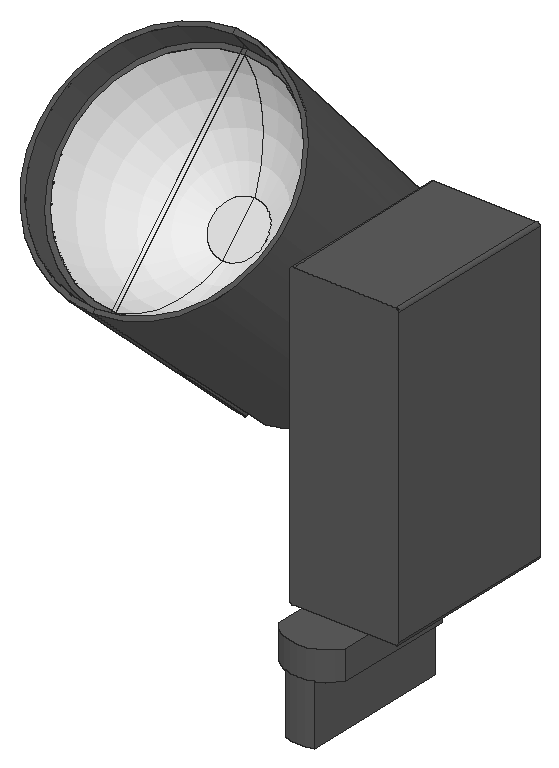
Revit family "0004951 Feilo Sylvania Lighting Fixture START TRACK SPOT L DALI 3616LM 940 MB BLK", category Lighting Fixtures, host Face, Revit 2017
Family settings
  Host = Face
  Round Connector Dimension = Use Diameter
  Part Type = Normal
  OmniClass Number = 23.80.70.00
  OmniClass Title = Lighting
  Cut with Voids When Loaded = No
  Light Source = No
  Shared = No
  Room Calculation Point = No
Parameters (values of type "0004951 START TRACK SPOT L DALI 3616LM 940 MB BLK")
  Weight = "1.368 kg"
  Wattage Comments = ""
  WarrantyStartDate [instance] = "n/a"
  WarrantyGuarantorParts = "n/a"
  WarrantyDurationUnit = "n/a"
  WarrantyDurationParts = "n/a"
  WarrantyDescription = "n/a"
  Voltage = 230 V
  URL = "http://www.sylvania-lighting.com/"
  TypeName = "START TRACK SPOT L DALI 3616LM 940 MB BLK"
  TypeHead_FEILO = Start Track Spot Head : 0004902 START TRACK SPOT L 35W 4K RA90 MB BLACK
  TypeBox_FEILO = Start Track Spot Box : Type Large Black
  Type Image = <None>
  Type Comments = "n/a"
  VerticalRotation_FEILO [instance] = 0.00°
  SlideEndAngle_FEILO [instance] = VerticalRotation_FEILO + 180.00°  # 180.00°
  SerialNumber [instance] = "n/a"
  Material_3_FEILO = none
  PowerFactor = 0.93
  PowerConsumption = "35 W"
  NominalLength = 0 mm
  NominalHeight = 240 mm
  NominalDepth = 164 mm
  Name = "START TRACK SPOT L DALI 3616LM 940 MB BLK"
  ModelReference = Name  # "START TRACK SPOT L DALI 3616LM 940 MB BLK"
  ModelNumber = "0004951"
  Model = Name  # "START TRACK SPOT L DALI 3616LM 940 MB BLK"
  Material = "adc12 aluminium housing, polycarbonate diffuser"
  ManufacturerName = "Feilo Sylvania"
  Manufacturer = "Feilo Sylvania"
  LuminousEfficacy = "103 lm/W"
  LuminaireType = ""
  LightOutputRatio = "100"
  LampsType = Lamp  # "LED"
  LampNominalLuminous = "3616 lm"
  LampMacAdamStep = "3"
  LampColourTemperature = "4000 K"
  LampColourRenderingIndex = "90"
  Lamp = "LED"
  Keynote = "16500"
  InstallationDate [instance] = "n/a"
  InputVoltage = "230-240V~"
  InputNominalFrequency = "50/60 Hz"
  IngressProtection = "IP20"
  ImpactProtectionIndex = "IK02"
  IfcExportType = "IfcLightFixtureType"
  IfcExportAs = "IfcLightFixtureType"
  HorizontalRotation_FEILO [instance] = 45.00°
  ExpectedLife = 50000
  ElectricShockClassification = "Class II"
  DurationUnit = "hours"
  DocumentationLiterature = "http://www.sylvania-lighting.com/product/en-int/products/0004902"
  DimmingControlOptions = "Dimmable"
  Material_2_FEILO = none
  Description = "Integrated LED spotlight, Textured Black - RAL9005, compact and minimalist design, ideal for retail applications, die-cast aluminium body, passive cooling heatsink. Beam angle: 38°, color temperature: 4000K , total system power: 35W, total fixture output: 3616 lm, LOR: 100%, colour rendering: Ra: 90 typical, LED Chromaticity: 3 step MacAdam ellipse, lifetime: >50000 hours at L70B50, energy class: A++, A+, A, IR/UV free light source without heat radiation, operating voltage: 220-240V / 50-60Hz, drive current: 900mA, electronic driver, non-dimmable, power factor: 0.93, electrical protection: Class II, Global Track 3 Phase adapter suitable for Global trac 3-circuit tracks, ingress protection rating: IP20, suitable for internal environment only, horizontal rotation: 355°, vertical tilt: 90°, dimensions: Ø113x164x240, weight: 1.368kg."
  Default Elevation = 1219.2 mm
  CreatedOn = "04/26/2018"
  CreatedBy = ""
  Cost = 0
  built-in parameter 1114216 [instance] = (empty or 0)
  ClassificationValue = "EF_70_80"
  ClassificationName = "Uniclass2015"
  Material_1_FEILO = Body-Sylvania-StartTrackSpot-Black
  BarCode [instance] = "n/a"
  AssetType = "Fixed"
  AssetIdentifier [instance] = "n/a"
  Assembly Code = "D5020200"
  Apparent Load = 35 VA
  Material_4_FEILO = none
Reference planes
  plane 1 "Center (Front/Back)": y = 0
  plane 2: z = 0
  plane 3 "Center (Left/Right)": x = 0
  plane 4: x = 15
  plane 5: x = -15
  plane 6: y = 35
  plane 7: y = -35
  plane 8: z = 13
  plane 9: z = -27
  plane 10: x = 6.5
  plane 11: x = -6.5
  plane 12: y = 27
  plane 13: y = -27
  plane 14: y = 20
Forms (mm)
  Extrusion 1, solid, material "Body-Sylvania-StartTrackSpot-Black" <- "Material_1_FEILO"
    sketch origin (0, 0, 0) x (1, 0, 0) y (0, 1, 0)
      loop
        line (-15, 27) -> (-15, -27)
        arc (-15, -27) -> (0, -35) -> (15, -27) r 18.062
        line (15, -27) -> (15, 27)
        arc (15, 27) -> (0, 35) -> (-15, 27) r 18.062
    from 0 to 13
  Extrusion 2, solid, material "Body-Sylvania-StartTrackSpot-Black" <- "Material_1_FEILO"
    sketch origin (0, 0, 0) x (1, 0, 0) y (0, 1, 0)
      loop
        arc (6.5, 33.79) -> (0, 35) -> (-6.5, 33.79) r 18.062
        line (-6.5, 33.79) -> (-6.5, -33.79)
        arc (-6.5, -33.79) -> (0, -35) -> (6.5, -33.79) r 18.062
        line (6.5, -33.79) -> (6.5, 33.79)
    from 0 to -27
  Revolve 3, solid, not visible
    sketch origin (1524, 20, 1219.2) x (1, 0, 0) y (0, 0, 1)
      loop
        line (-1524, -1206.2) -> (-1524, -1191.285) -> (-1530.5, -1191.285) -> (-1530.5, -1206.2) -> (-1524, -1206.2)
      axis (-1524, -1191.285) -> (-1524, -1206.2)
    angle from 0 <- "VerticalRotation_FEILO" to 180 <- "SlideEndAngle_FEILO"
Cuts and joins
  joined: Extrusion 1, Extrusion 2
Dimensions and locks
  equal spacing: plane 10, plane 3 "Center (Left/Right)", plane 11
  equal spacing: plane 4, plane 3 "Center (Left/Right)", plane 5
  locked: plane 8 to plane 2 at 13
  locked: plane 8 to plane 9 at 40
  equal spacing: plane 13, plane 1 "Center (Front/Back)", plane 12
  locked: plane 12 to plane 6 at 8
  locked: plane 14 to plane 6 at 15
  locked: Revolve 3 sketch curve to plane 8 at 14.915
  aligned and locked: plane 2 to host face
  aligned and locked: level to host face
  aligned and locked: plane 5 to Extrusion 1 sketch curve  (x2)
  aligned and locked: plane 12 to Extrusion 1 sketch curve
  aligned and locked: plane 13 to Extrusion 1 sketch curve
  aligned and locked: plane 4 to Extrusion 1 sketch curve
  aligned and locked: Extrusion 1 to plane 8
  aligned and locked: Extrusion 1 to level
  aligned and locked: Extrusion 2 sketch curve to Extrusion 1  (x2)
  aligned and locked: Extrusion 2 sketch curve to plane 11
  aligned and locked: plane 10 to Extrusion 2 sketch curve
  aligned and locked: plane 9 to Extrusion 2
  aligned and locked: level to Extrusion 2
  aligned and locked: Revolve 3 sketch curve to plane 3 "Center (Left/Right)"  (x2)
  aligned and locked: plane 11 to Revolve 3 sketch curve
  aligned and locked: Revolve 3 sketch curve to plane 8
Automatic sketch dimensions
  host sketch curve to host sketch curve = 2438.4 mm  (x2)
  Extrusion 1 sketch curve to plane 3 "Center (Left/Right)" = 0 mm  (x2)
  Extrusion 1 sketch curve to plane 13 = 10.062 mm
  plane 12 to Extrusion 1 sketch curve = 10.062 mm
  Revolve 3 sketch curve to plane 3 "Center (Left/Right)" = 0 mm
  plane 9 to Revolve 3 sketch curve = 582.6 mm
  Revolve 3 sketch curve to Revolve 3 sketch curve = 2581.144 mm
Nested families
  nested 1: "Start Track Spot Head" at (-75.5, 20, 133) x (0, 0.7071, 0.7071) z (0, 0.7071, -0.7071), type <- "TypeHead_FEILO", type "0004902 START TRACK SPOT L 35W 4K RA90 MB BLACK"
    with built-in parameter 1114216 (empty or 0)
  nested 2: "Start Track Spot Box" at (8.5, 20, 85) x (-1, 0, 0) z (0, -1, 0), BoxStartAngle_FEILO <- "HorizontalRotation_FEILO", type <- "TypeBox_FEILO", type "Type Large Black"
    with BoxStartAngle_FEILO 45.00°, BoxEndAngle_FEILO -135.00°
Connectors
  electrical at (0, 0, 0), driven by "Apparent Load", driven by "PowerFactor", driven by "Voltage"
    settings: index 1, voltage 230 V, apparent load 35 VA, apparent load phase1 0 VA, apparent load phase2 0 VA, apparent load phase3 0 VA, power factor 0.93, load classification "Lighting", number of poles 1, system type 30, power factor state 1, is connector primary yes, connector utility no, sub classification motor no, connector description ""
Definition of nested family "Start Track Spot Head"
  Parameters (values of type "0004811 START TRACK SPOT S 14W 3K RA80 NB WHITE")
    Wattage Comments = "n/a"
    Wattage = 14 W
    built-in parameter 1150110 = 1 (stored number, unit not read)
    URL = "http://www.feilosylvania.com"
    Type Image = (empty or 0)
    Type Comments = "n/a"
    built-in parameter 1114217 = 1 (stored number, unit not read)
    Tilt Angle = -90.00°
    built-in parameter 1150109 = 1 (stored number, unit not read)
    built-in parameter 1150134 = (empty or 0)
    built-in parameter 1150113 = 1 (stored number, unit not read)
    Photometric Web File = "0004811.ies"
    Material_3_FEILO = none
    Model = "START TRACK SPOT S 14W 3K RA80 NB WHITE"
    Manufacturer = "Feilo Sylvania"
    built-in parameter 1150105 = 123.66 (stored number, unit not read)
    Lumens = 1554 lm
    built-in parameter 1150115 = 1 (stored number, unit not read)
    built-in parameter 1150137 = (empty or 0)
    built-in parameter 1150139 = (empty or 0)
    built-in parameter 1150112 = 1 (stored number, unit not read)
    built-in parameter 1150114 = 1 (stored number, unit not read)
    Lamp = "LED"
    Keynote = "16500"
    Material_2_FEILO = none
    built-in parameter 1150132 = (empty or 0)
    built-in parameter 1150102 = (empty or 0)
    built-in parameter 1150107 = 3000 (stored number, unit not read)
    built-in parameter 1150138 = (empty or 0)
    built-in parameter 1150106 = 1.2366 (stored number, unit not read)
    HeadThickness_FEILO = if(HeadDiaOut_FEILO > 112 mm, 2 mm, 1.5 mm)  # 1.5 mm
    HeadRibOffset_FEILO = HeadHeight_FEILO / 28  # 4.179 mm
    HeadRibDepth_FEILO = HeadHeight_FEILO / 2.1  # 55.714 mm
    HeadRibCutWidth_FEILO = HeadDiaOut_FEILO / 12  # 7.167 mm
    HeadRibCutOffset_FEILO = HeadHeight_FEILO / 2.3  # 50.87 mm
    HeadReflectorRadius_FEILO = HeadDiaOut_FEILO / 1.7  # 50.588 mm
    HeadReflectorOffset_FEILO = HeadHeight_FEILO / 2.1  # 55.714 mm
    HeadLEDRadius_FEILO = HeadDiaOut_FEILO / 9  # 9.556 mm
    HeadHeight_FEILO = 117 mm
    HeadDraft_FEILO = 1 mm
    HeadDiffusorThickness_FEILO = 3 mm
    HeadDiffusorOffset_FEILO = HeadHeight_FEILO / 12.4  # 9.435 mm
    HeadDiaOut_FEILO = 86 mm
    HeadDiaIn_FEILO = HeadDiaOut_FEILO / 1.11  # 77.477 mm
    HeadAxisFromTop_FEILO = HeadHeight_FEILO / 1.687  # 69.354 mm
    Emit from Circle Diameter = HeadDiaIn_FEILO  # 77.477 mm
    Emit Shape Visible in Rendering = no
    built-in parameter 1150104 = 10.312 (stored number, unit not read)
    Dimming Lamp Color Temperature Shift = (empty or 0)
    Description = "Integrated LED spotlight, Textured White - RAL9016, compact and minimalist design, ideal for retail applications, die-cast aluminium body, passive cooling heatsink. Beam angle: 12°, color temperature: 3000K , total system power: 14W, total fixture output: 1551 lm, LOR: 100%, colour rendering: Ra: 80 typical, LED Chromaticity: 3 step MacAdam ellipse, lifetime: >50000 hours at L70B50, energy class: A++, A+, A, IR/UV free light source without heat radiation, operating voltage: 220-240V / 50-60Hz, drive current: 350mA, electronic driver, non-dimmable, power factor: 0.92, electrical protection: Class II, Global Track 3 Phase adapter suitable for Global trac 3-circuit tracks, ingress protection rating: IP20, suitable for internal environment only, horizontal rotation: 355°, vertical tilt: 90°, dimensions: Ø86x140x200, weight: 0.940kg."
    Default Elevation = 1219.2 mm
    Cost = 0
    Color Filter = 16777215
    built-in parameter 1114216 [instance] = (empty or 0)
    Material_1_FEILO = none
    built-in parameter 1114218 = 1 (stored number, unit not read)
    built-in parameter 1150133 = 10 (stored number, unit not read)
    Assembly Code = "D5020200"
    Apparent Load = 14 VA
    Material_4_FEILO = none
  Types (96, lengths in mm): name | Wattage | built-in parameter 1150134 | Photometric Web File | Model | built-in parameter 1150105 | Lumens | built-in parameter 1150107 | built-in parameter 1150106 | HeadThickness_FEILO | HeadRibOffset_FEILO | HeadRibDepth_FEILO | HeadRibCutWidth_FEILO | HeadRibCutOffset_FEILO | HeadReflectorRadius_FEILO | HeadReflectorOffset_FEILO | HeadLEDRadius_FEILO | HeadHeight_FEILO | HeadDiffusorOffset_FEILO | HeadDiaOut_FEILO | HeadDiaIn_FEILO | HeadAxisFromTop_FEILO | Emit from Circle Diameter | built-in parameter 1150104 | Description | Apparent Load
    0004906 START TRACK SPOT L 55W 4K RA90 WB BLACK | 55 W | 12 | "0004906.ies" | "START TRACK SPOT L 55W 4K RA90 WB BLACK" | 385.15 (stored number, unit not read) | 4840 lm | 4000 (stored number, unit not read) | 3.8515 (stored number, unit not read) | 2 | 4.429 | 59.048 | 9.417 | 53.913 | 66.471 | 59.048 | 12.556 | 124 | 10 | 113 | 101.802 | 73.503 | 101.802 | 8.1755 (stored number, unit not read) | "Integrated LED spotlight, Textured Black - RAL9005, compact and minimalist design, ideal for retail applications, die-cast aluminium body, passive cooling heatsink. Beam angle: 52°, color temperature: 4000K , total system power: 55W, total fixture output: 4824 lm, LOR: 100%, colour rendering: Ra: 90 typical, LED Chromaticity: 3 step MacAdam ellipse, lifetime: >50000 hours at L70B50, energy class: A++, A+, A, IR/UV free light source without heat radiation, operating voltage: 220-240V / 50-60Hz, drive current: 1400mA, electronic driver, non-dimmable, power factor: 0.96, electrical protection: Class II, Global Track 3 Phase adapter suitable for Global trac 3-circuit tracks, ingress protection rating: IP20, suitable for internal environment only, horizontal rotation: 355°, vertical tilt: 90°, dimensions: Ø113x164x240, weight: 1.398kg." | 55 VA
    0004905 START TRACK SPOT L 55W 4K RA90 MB BLACK | 55 W | 12 | "0004905.ies" | "START TRACK SPOT L 55W 4K RA90 MB BLACK" | 389.53 (stored number, unit not read) | 4895 lm | 4000 (stored number, unit not read) | 3.8953 (stored number, unit not read) | 2 | 4.429 | 59.048 | 9.417 | 53.913 | 66.471 | 59.048 | 12.556 | 124 | 10 | 113 | 101.802 | 73.503 | 101.802 | 8.2684 (stored number, unit not read) | "Integrated LED spotlight, Textured Black - RAL9005, compact and minimalist design, ideal for retail applications, die-cast aluminium body, passive cooling heatsink. Beam angle: 38°, color temperature: 4000K , total system power: 55W, total fixture output: 4897 lm, LOR: 100%, colour rendering: Ra: 90 typical, LED Chromaticity: 3 step MacAdam ellipse, lifetime: >50000 hours at L70B50, energy class: A++, A+, A, IR/UV free light source without heat radiation, operating voltage: 220-240V / 50-60Hz, drive current: 1400mA, electronic driver, non-dimmable, power factor: 0.96, electrical protection: Class II, Global Track 3 Phase adapter suitable for Global trac 3-circuit tracks, ingress protection rating: IP20, suitable for internal environment only, horizontal rotation: 355°, vertical tilt: 90°, dimensions: Ø113x164x240, weight: 1.398kg." | 55 VA
    0004904 START TRACK SPOT L 55W 4K RA90 NB BLACK | 55 W | 12 | "0004904.ies" | "START TRACK SPOT L 55W 4K RA90 NB BLACK" | 393.91 (stored number, unit not read) | 4950 lm | 4000 (stored number, unit not read) | 3.9391 (stored number, unit not read) | 2 | 4.429 | 59.048 | 9.417 | 53.913 | 66.471 | 59.048 | 12.556 | 124 | 10 | 113 | 101.802 | 73.503 | 101.802 | 8.3613 (stored number, unit not read) | "Integrated LED spotlight, Textured Black - RAL9005, compact and minimalist design, ideal for retail applications, die-cast aluminium body, passive cooling heatsink. Beam angle: 15°, color temperature: 4000K , total system power: 55W, total fixture output: 4965 lm, LOR: 100%, colour rendering: Ra: 90 typical, LED Chromaticity: 3 step MacAdam ellipse, lifetime: >50000 hours at L70B50, energy class: A++, A+, A, IR/UV free light source without heat radiation, operating voltage: 220-240V / 50-60Hz, drive current: 1400mA, electronic driver, non-dimmable, power factor: 0.96, electrical protection: Class II, Global Track 3 Phase adapter suitable for Global trac 3-circuit tracks, ingress protection rating: IP20, suitable for internal environment only, horizontal rotation: 355°, vertical tilt: 90°, dimensions: Ø113x164x240, weight: 1.398kg." | 55 VA
    0004903 START TRACK SPOT L 35W 4K RA90 WB BLACK | 35 W | 12 | "0004903.ies" | "START TRACK SPOT L 35W 4K RA90 WB BLACK" | 284.09 (stored number, unit not read) | 3570 lm | 4000 (stored number, unit not read) | 2.8409 (stored number, unit not read) | 2 | 4.429 | 59.048 | 9.417 | 53.913 | 66.471 | 59.048 | 12.556 | 124 | 10 | 113 | 101.802 | 73.503 | 101.802 | 9.4761 (stored number, unit not read) | "Integrated LED spotlight, Textured Black - RAL9005, compact and minimalist design, ideal for retail applications, die-cast aluminium body, passive cooling heatsink. Beam angle: 52°, color temperature: 4000K , total system power: 35W, total fixture output: 3562 lm, LOR: 100%, colour rendering: Ra: 90 typical, LED Chromaticity: 3 step MacAdam ellipse, lifetime: >50000 hours at L70B50, energy class: A++, A+, A, IR/UV free light source without heat radiation, operating voltage: 220-240V / 50-60Hz, drive current: 900mA, electronic driver, non-dimmable, power factor: 0.93, electrical protection: Class II, Global Track 3 Phase adapter suitable for Global trac 3-circuit tracks, ingress protection rating: IP20, suitable for internal environment only, horizontal rotation: 355°, vertical tilt: 90°, dimensions: Ø113x164x240, weight: 1.368kg." | 35 VA
    0004902 START TRACK SPOT L 35W 4K RA90 MB BLACK | 35 W | 12 | "0004902.ies" | "START TRACK SPOT L 35W 4K RA90 MB BLACK" | 286.88 (stored number, unit not read) | 3605 lm | 4000 (stored number, unit not read) | 2.8688 (stored number, unit not read) | 2 | 4.429 | 59.048 | 9.417 | 53.913 | 66.471 | 59.048 | 12.556 | 124 | 10 | 113 | 101.802 | 73.503 | 101.802 | 9.569 (stored number, unit not read) | "Integrated LED spotlight, Textured Black - RAL9005, compact and minimalist design, ideal for retail applications, die-cast aluminium body, passive cooling heatsink. Beam angle: 38°, color temperature: 4000K , total system power: 35W, total fixture output: 3616 lm, LOR: 100%, colour rendering: Ra: 90 typical, LED Chromaticity: 3 step MacAdam ellipse, lifetime: >50000 hours at L70B50, energy class: A++, A+, A, IR/UV free light source without heat radiation, operating voltage: 220-240V / 50-60Hz, drive current: 900mA, electronic driver, non-dimmable, power factor: 0.93, electrical protection: Class II, Global Track 3 Phase adapter suitable for Global trac 3-circuit tracks, ingress protection rating: IP20, suitable for internal environment only, horizontal rotation: 355°, vertical tilt: 90°, dimensions: Ø113x164x240, weight: 1.368kg." | 35 VA
    0004901 START TRACK SPOT L 35W 4K RA90 NB BLACK | 35 W | 12 | "0004901.ies" | "START TRACK SPOT L 35W 4K RA90 NB BLACK" | 286.88 (stored number, unit not read) | 3605 lm | 4000 (stored number, unit not read) | 2.8688 (stored number, unit not read) | 2 | 4.429 | 59.048 | 9.417 | 53.913 | 66.471 | 59.048 | 12.556 | 124 | 10 | 113 | 101.802 | 73.503 | 101.802 | 9.569 (stored number, unit not read) | "Integrated LED spotlight, Textured Black - RAL9005, compact and minimalist design, ideal for retail applications, die-cast aluminium body, passive cooling heatsink. Beam angle: 15°, color temperature: 4000K , total system power: 35W, total fixture output: 3593 lm, LOR: 100%, colour rendering: Ra: 90 typical, LED Chromaticity: 3 step MacAdam ellipse, lifetime: >50000 hours at L70B50, energy class: A++, A+, A, IR/UV free light source without heat radiation, operating voltage: 220-240V / 50-60Hz, drive current: 900mA, electronic driver, non-dimmable, power factor: 0.93, electrical protection: Class II, Global Track 3 Phase adapter suitable for Global trac 3-circuit tracks, ingress protection rating: IP20, suitable for internal environment only, horizontal rotation: 355°, vertical tilt: 90°, dimensions: Ø113x164x240, weight: 1.368kg." | 35 VA
    0004900 START TRACK SPOT S 24W 4K RA90 WB BLACK | 24 W | 12 | "0004900.ies" | "START TRACK SPOT S 24W 4K RA90 WB BLACK" | 166.16 (stored number, unit not read) | 2088 lm | 4000 (stored number, unit not read) | 1.6616 (stored number, unit not read) | 1.5 | 4.179 | 55.714 | 7.167 | 50.87 | 50.588 | 55.714 | 9.556 | 117 | 9.435 | 86 | 77.477 | 69.354 | 77.477 | 8.0826 (stored number, unit not read) | "Integrated LED spotlight, Textured Black - RAL9005, compact and minimalist design, ideal for retail applications, die-cast aluminium body, passive cooling heatsink. Beam angle: 64°, color temperature: 4000K , total system power: 24W, total fixture output: 2087 lm, LOR: 100%, colour rendering: Ra: 90 typical, LED Chromaticity: 3 step MacAdam ellipse, lifetime: >50000 hours at L70B50, energy class: A++, A+, A, IR/UV free light source without heat radiation, operating voltage: 220-240V / 50-60Hz, drive current: 600mA, electronic driver, non-dimmable, power factor: 0.95, electrical protection: Class II, Global Track 3 Phase adapter suitable for Global trac 3-circuit tracks, ingress protection rating: IP20, suitable for internal environment only, horizontal rotation: 355°, vertical tilt: 90°, dimensions: Ø86x140x200, weight: 0.966kg." | 24 VA
    0004899 START TRACK SPOT S 24W 4K RA90 MB BLACK | 24 W | 12 | "0004899.ies" | "START TRACK SPOT S 24W 4K RA90 MB BLACK" | 169.98 (stored number, unit not read) | 2136 lm | 4000 (stored number, unit not read) | 1.6998 (stored number, unit not read) | 1.5 | 4.179 | 55.714 | 7.167 | 50.87 | 50.588 | 55.714 | 9.556 | 117 | 9.435 | 86 | 77.477 | 69.354 | 77.477 | 8.2684 (stored number, unit not read) | "Integrated LED spotlight, Textured Black - RAL9005, compact and minimalist design, ideal for retail applications, die-cast aluminium body, passive cooling heatsink. Beam angle: 36°, color temperature: 4000K , total system power: 24W, total fixture output: 2141 lm, LOR: 100%, colour rendering: Ra: 90 typical, LED Chromaticity: 3 step MacAdam ellipse, lifetime: >50000 hours at L70B50, energy class: A++, A+, A, IR/UV free light source without heat radiation, operating voltage: 220-240V / 50-60Hz, drive current: 600mA, electronic driver, non-dimmable, power factor: 0.95, electrical protection: Class II, Global Track 3 Phase adapter suitable for Global trac 3-circuit tracks, ingress protection rating: IP20, suitable for internal environment only, horizontal rotation: 355°, vertical tilt: 90°, dimensions: Ø86x140x200, weight: 0.966kg." | 24 VA
    0004898 START TRACK SPOT S 24W 4K RA90 NB BLACK | 24 W | 12 | "0004898.ies" | "START TRACK SPOT S 24W 4K RA90 NB BLACK" | 171.89 (stored number, unit not read) | 2160 lm | 4000 (stored number, unit not read) | 1.7189 (stored number, unit not read) | 1.5 | 4.179 | 55.714 | 7.167 | 50.87 | 50.588 | 55.714 | 9.556 | 117 | 9.435 | 86 | 77.477 | 69.354 | 77.477 | 8.3613 (stored number, unit not read) | "Integrated LED spotlight, Textured Black - RAL9005, compact and minimalist design, ideal for retail applications, die-cast aluminium body, passive cooling heatsink. Beam angle: 12°, color temperature: 4000K , total system power: 24W, total fixture output: 2155 lm, LOR: 100%, colour rendering: Ra: 90 typical, LED Chromaticity: 3 step MacAdam ellipse, lifetime: >50000 hours at L70B50, energy class: A++, A+, A, IR/UV free light source without heat radiation, operating voltage: 220-240V / 50-60Hz, drive current: 600mA, electronic driver, non-dimmable, power factor: 0.95, electrical protection: Class II, Global Track 3 Phase adapter suitable for Global trac 3-circuit tracks, ingress protection rating: IP20, suitable for internal environment only, horizontal rotation: 355°, vertical tilt: 90°, dimensions: Ø86x140x200, weight: 0.966kg." | 24 VA
    0004897 START TRACK SPOT S 14W 4K RA90 WB BLACK | 14 W | 12 | "0004897.ies" | "START TRACK SPOT S 14W 4K RA90 WB BLACK" | 108.07 (stored number, unit not read) | 1358 lm | 4000 (stored number, unit not read) | 1.0807 (stored number, unit not read) | 1.5 | 4.179 | 55.714 | 7.167 | 50.87 | 50.588 | 55.714 | 9.556 | 117 | 9.435 | 86 | 77.477 | 69.354 | 77.477 | 9.0116 (stored number, unit not read) | "Integrated LED spotlight, Textured Black - RAL9005, compact and minimalist design, ideal for retail applications, die-cast aluminium body, passive cooling heatsink. Beam angle: 64°, color temperature: 4000K , total system power: 14W, total fixture output: 1352 lm, LOR: 100%, colour rendering: Ra: 90 typical, LED Chromaticity: 3 step MacAdam ellipse, lifetime: >50000 hours at L70B50, energy class: A++, A+, A, IR/UV free light source without heat radiation, operating voltage: 220-240V / 50-60Hz, drive current: 350mA, electronic driver, non-dimmable, power factor: 0.92, electrical protection: Class II, Global Track 3 Phase adapter suitable for Global trac 3-circuit tracks, ingress protection rating: IP20, suitable for internal environment only, horizontal rotation: 355°, vertical tilt: 90°, dimensions: Ø86x140x200, weight: 0.940kg." | 14 VA
    0004896 START TRACK SPOT S 14W 4K RA90 MB BLACK | 14 W | 12 | "0004896.ies" | "START TRACK SPOT S 14W 4K RA90 MB BLACK" | 108.07 (stored number, unit not read) | 1358 lm | 4000 (stored number, unit not read) | 1.0807 (stored number, unit not read) | 1.5 | 4.179 | 55.714 | 7.167 | 50.87 | 50.588 | 55.714 | 9.556 | 117 | 9.435 | 86 | 77.477 | 69.354 | 77.477 | 9.0116 (stored number, unit not read) | "Integrated LED spotlight, Textured Black - RAL9005, compact and minimalist design, ideal for retail applications, die-cast aluminium body, passive cooling heatsink. Beam angle: 36°, color temperature: 4000K , total system power: 14W, total fixture output: 1359 lm, LOR: 100%, colour rendering: Ra: 90 typical, LED Chromaticity: 3 step MacAdam ellipse, lifetime: >50000 hours at L70B50, energy class: A++, A+, A, IR/UV free light source without heat radiation, operating voltage: 220-240V / 50-60Hz, drive current: 350mA, electronic driver, non-dimmable, power factor: 0.92, electrical protection: Class II, Global Track 3 Phase adapter suitable for Global trac 3-circuit tracks, ingress protection rating: IP20, suitable for internal environment only, horizontal rotation: 355°, vertical tilt: 90°, dimensions: Ø86x140x200, weight: 0.940kg." | 14 VA
    0004895 START TRACK SPOT S 14W 4K RA90 NB BLACK | 14 W | 12 | "0004895.ies" | "START TRACK SPOT S 14W 4K RA90 NB BLACK" | 106.95 (stored number, unit not read) | 1344 lm | 4000 (stored number, unit not read) | 1.0695 (stored number, unit not read) | 1.5 | 4.179 | 55.714 | 7.167 | 50.87 | 50.588 | 55.714 | 9.556 | 117 | 9.435 | 86 | 77.477 | 69.354 | 77.477 | 8.9187 (stored number, unit not read) | "Integrated LED spotlight, Textured Black - RAL9005, compact and minimalist design, ideal for retail applications, die-cast aluminium body, passive cooling heatsink. Beam angle: 12°, color temperature: 4000K , total system power: 14W, total fixture output: 1349 lm, LOR: 100%, colour rendering: Ra: 90 typical, LED Chromaticity: 3 step MacAdam ellipse, lifetime: >50000 hours at L70B50, energy class: A++, A+, A, IR/UV free light source without heat radiation, operating voltage: 220-240V / 50-60Hz, drive current: 350mA, electronic driver, non-dimmable, power factor: 0.92, electrical protection: Class II, Global Track 3 Phase adapter suitable for Global trac 3-circuit tracks, ingress protection rating: IP20, suitable for internal environment only, horizontal rotation: 355°, vertical tilt: 90°, dimensions: Ø86x140x200, weight: 0.940kg." | 14 VA
    0004894 START TRACK SPOT L 55W 3K RA90 WB BLACK | 55 W | (empty or 0) | "0004894.ies" | "START TRACK SPOT L 55W 3K RA90 WB BLACK" | 350.14 (stored number, unit not read) | 4400 lm | 3000 (stored number, unit not read) | 3.5014 (stored number, unit not read) | 2 | 4.429 | 59.048 | 9.417 | 53.913 | 66.471 | 59.048 | 12.556 | 124 | 10 | 113 | 101.802 | 73.503 | 101.802 | 7.4322 (stored number, unit not read) | "Integrated LED spotlight, Textured Black - RAL9005, compact and minimalist design, ideal for retail applications, die-cast aluminium body, passive cooling heatsink. Beam angle: 52°, color temperature: 3000K , total system power: 55W, total fixture output: 4405 lm, LOR: 100%, colour rendering: Ra: 90 typical, LED Chromaticity: 3 step MacAdam ellipse, lifetime: >50000 hours at L70B50, energy class: A++, A+, A, IR/UV free light source without heat radiation, operating voltage: 220-240V / 50-60Hz, drive current: 1400mA, electronic driver, non-dimmable, power factor: 0.96, electrical protection: Class II, Global Track 3 Phase adapter suitable for Global trac 3-circuit tracks, ingress protection rating: IP20, suitable for internal environment only, horizontal rotation: 355°, vertical tilt: 90°, dimensions: Ø113x164x240, weight: 1.398kg." | 55 VA
    0004893 START TRACK SPOT L 55W 3K RA90 MB BLACK | 55 W | (empty or 0) | "0004893.ies" | "START TRACK SPOT L 55W 3K RA90 MB BLACK" | 354.52 (stored number, unit not read) | 4455 lm | 3000 (stored number, unit not read) | 3.5452 (stored number, unit not read) | 2 | 4.429 | 59.048 | 9.417 | 53.913 | 66.471 | 59.048 | 12.556 | 124 | 10 | 113 | 101.802 | 73.503 | 101.802 | 7.5251 (stored number, unit not read) | "Integrated LED spotlight, Textured Black - RAL9005, compact and minimalist design, ideal for retail applications, die-cast aluminium body, passive cooling heatsink. Beam angle: 38°, color temperature: 3000K , total system power: 55W, total fixture output: 4448 lm, LOR: 100%, colour rendering: Ra: 90 typical, LED Chromaticity: 3 step MacAdam ellipse, lifetime: >50000 hours at L70B50, energy class: A++, A+, A, IR/UV free light source without heat radiation, operating voltage: 220-240V / 50-60Hz, drive current: 1400mA, electronic driver, non-dimmable, power factor: 0.96, electrical protection: Class II, Global Track 3 Phase adapter suitable for Global trac 3-circuit tracks, ingress protection rating: IP20, suitable for internal environment only, horizontal rotation: 355°, vertical tilt: 90°, dimensions: Ø113x164x240, weight: 1.398kg." | 55 VA
    0004892 START TRACK SPOT L 55W 3K RA90 NB BLACK | 55 W | (empty or 0) | "0004892.ies" | "START TRACK SPOT L 55W 3K RA90 NB BLACK" | 350.14 (stored number, unit not read) | 4400 lm | 3000 (stored number, unit not read) | 3.5014 (stored number, unit not read) | 2 | 4.429 | 59.048 | 9.417 | 53.913 | 66.471 | 59.048 | 12.556 | 124 | 10 | 113 | 101.802 | 73.503 | 101.802 | 7.4322 (stored number, unit not read) | "Integrated LED spotlight, Textured Black - RAL9005, compact and minimalist design, ideal for retail applications, die-cast aluminium body, passive cooling heatsink. Beam angle: 15°, color temperature: 3000K , total system power: 55W, total fixture output: 4416 lm, LOR: 100%, colour rendering: Ra: 90 typical, LED Chromaticity: 3 step MacAdam ellipse, lifetime: >50000 hours at L70B50, energy class: A++, A+, A, IR/UV free light source without heat radiation, operating voltage: 220-240V / 50-60Hz, drive current: 1400mA, electronic driver, non-dimmable, power factor: 0.96, electrical protection: Class II, Global Track 3 Phase adapter suitable for Global trac 3-circuit tracks, ingress protection rating: IP20, suitable for internal environment only, horizontal rotation: 355°, vertical tilt: 90°, dimensions: Ø113x164x240, weight: 1.398kg." | 55 VA
    0004891 START TRACK SPOT L 35W 3K RA90 WB BLACK | 35 W | (empty or 0) | "0004891.ies" | "START TRACK SPOT L 35W 3K RA90 WB BLACK" | 259.02 (stored number, unit not read) | 3255 lm | 3000 (stored number, unit not read) | 2.5902 (stored number, unit not read) | 2 | 4.429 | 59.048 | 9.417 | 53.913 | 66.471 | 59.048 | 12.556 | 124 | 10 | 113 | 101.802 | 73.503 | 101.802 | 8.64 (stored number, unit not read) | "Integrated LED spotlight, Textured Black - RAL9005, compact and minimalist design, ideal for retail applications, die-cast aluminium body, passive cooling heatsink. Beam angle: 52°, color temperature: 3000K , total system power: 35W, total fixture output: 3260 lm, LOR: 100%, colour rendering: Ra: 90 typical, LED Chromaticity: 3 step MacAdam ellipse, lifetime: >50000 hours at L70B50, energy class: A++, A+, A, IR/UV free light source without heat radiation, operating voltage: 220-240V / 50-60Hz, drive current: 900mA, electronic driver, non-dimmable, power factor: 0.93, electrical protection: Class II, Global Track 3 Phase adapter suitable for Global trac 3-circuit tracks, ingress protection rating: IP20, suitable for internal environment only, horizontal rotation: 355°, vertical tilt: 90°, dimensions: Ø113x164x240, weight: 1.368kg." | 35 VA
    0004890 START TRACK SPOT L 35W 3K RA90 MB BLACK | 35 W | (empty or 0) | "0004890.ies" | "START TRACK SPOT L 35W 3K RA90 MB BLACK" | 261.81 (stored number, unit not read) | 3290 lm | 3000 (stored number, unit not read) | 2.6181 (stored number, unit not read) | 2 | 4.429 | 59.048 | 9.417 | 53.913 | 66.471 | 59.048 | 12.556 | 124 | 10 | 113 | 101.802 | 73.503 | 101.802 | 8.7329 (stored number, unit not read) | "Integrated LED spotlight, Textured Black - RAL9005, compact and minimalist design, ideal for retail applications, die-cast aluminium body, passive cooling heatsink. Beam angle: 38°, color temperature: 3000K , total system power: 35W, total fixture output: 3306 lm, LOR: 100%, colour rendering: Ra: 90 typical, LED Chromaticity: 3 step MacAdam ellipse, lifetime: >50000 hours at L70B50, energy class: A++, A+, A, IR/UV free light source without heat radiation, operating voltage: 220-240V / 50-60Hz, drive current: 900mA, electronic driver, non-dimmable, power factor: 0.93, electrical protection: Class II, Global Track 3 Phase adapter suitable for Global trac 3-circuit tracks, ingress protection rating: IP20, suitable for internal environment only, horizontal rotation: 355°, vertical tilt: 90°, dimensions: Ø113x164x240, weight: 1.368kg." | 35 VA
    0004889 START TRACK SPOT L 35W 3K RA90 NB BLACK | 35 W | (empty or 0) | "0004889.ies" | "START TRACK SPOT L 35W 3K RA90 NB BLACK" | 261.81 (stored number, unit not read) | 3290 lm | 3000 (stored number, unit not read) | 2.6181 (stored number, unit not read) | 2 | 4.429 | 59.048 | 9.417 | 53.913 | 66.471 | 59.048 | 12.556 | 124 | 10 | 113 | 101.802 | 73.503 | 101.802 | 8.7329 (stored number, unit not read) | "Integrated LED spotlight, Textured Black - RAL9005, compact and minimalist design, ideal for retail applications, die-cast aluminium body, passive cooling heatsink. Beam angle: 15°, color temperature: 3000K , total system power: 35W, total fixture output: 3287 lm, LOR: 100%, colour rendering: Ra: 90 typical, LED Chromaticity: 3 step MacAdam ellipse, lifetime: >50000 hours at L70B50, energy class: A++, A+, A, IR/UV free light source without heat radiation, operating voltage: 220-240V / 50-60Hz, drive current: 900mA, electronic driver, non-dimmable, power factor: 0.93, electrical protection: Class II, Global Track 3 Phase adapter suitable for Global trac 3-circuit tracks, ingress protection rating: IP20, suitable for internal environment only, horizontal rotation: 355°, vertical tilt: 90°, dimensions: Ø113x164x240, weight: 1.368kg." | 35 VA
    0004888 START TRACK SPOT S 24W 3K RA90 WB BLACK | 24 W | (empty or 0) | "0004888.ies" | "START TRACK SPOT S 24W 3K RA90 WB BLACK" | 152.79 (stored number, unit not read) | 1920 lm | 3000 (stored number, unit not read) | 1.5279 (stored number, unit not read) | 1.5 | 4.179 | 55.714 | 7.167 | 50.87 | 50.588 | 55.714 | 9.556 | 117 | 9.435 | 86 | 77.477 | 69.354 | 77.477 | 7.4322 (stored number, unit not read) | "Integrated LED spotlight, Textured Black - RAL9005, compact and minimalist design, ideal for retail applications, die-cast aluminium body, passive cooling heatsink. Beam angle: 64°, color temperature: 3000K , total system power: 24W, total fixture output: 1928 lm, LOR: 100%, colour rendering: Ra: 90 typical, LED Chromaticity: 3 step MacAdam ellipse, lifetime: >50000 hours at L70B50, energy class: A++, A+, A, IR/UV free light source without heat radiation, operating voltage: 220-240V / 50-60Hz, drive current: 600mA, electronic driver, non-dimmable, power factor: 0.95, electrical protection: Class II, Global Track 3 Phase adapter suitable for Global trac 3-circuit tracks, ingress protection rating: IP20, suitable for internal environment only, horizontal rotation: 355°, vertical tilt: 90°, dimensions: Ø86x140x200, weight: 0.966kg." | 24 VA
    0004887 START TRACK SPOT S 24W 3K RA90 MB BLACK | 24 W | (empty or 0) | "0004887.ies" | "START TRACK SPOT S 24W 3K RA90 MB BLACK" | 154.7 (stored number, unit not read) | 1944 lm | 3000 (stored number, unit not read) | 1.547 (stored number, unit not read) | 1.5 | 4.179 | 55.714 | 7.167 | 50.87 | 50.588 | 55.714 | 9.556 | 117 | 9.435 | 86 | 77.477 | 69.354 | 77.477 | 7.5251 (stored number, unit not read) | "Integrated LED spotlight, Textured Black - RAL9005, compact and minimalist design, ideal for retail applications, die-cast aluminium body, passive cooling heatsink. Beam angle: 36°, color temperature: 3000K , total system power: 24W, total fixture output: 1944 lm, LOR: 100%, colour rendering: Ra: 90 typical, LED Chromaticity: 3 step MacAdam ellipse, lifetime: >50000 hours at L70B50, energy class: A++, A+, A, IR/UV free light source without heat radiation, operating voltage: 220-240V / 50-60Hz, drive current: 600mA, electronic driver, non-dimmable, power factor: 0.95, electrical protection: Class II, Global Track 3 Phase adapter suitable for Global trac 3-circuit tracks, ingress protection rating: IP20, suitable for internal environment only, horizontal rotation: 355°, vertical tilt: 90°, dimensions: Ø86x140x200, weight: 0.966kg." | 24 VA
    0004886 START TRACK SPOT S 24W 3K RA90 NB BLACK | 24 W | (empty or 0) | "0004886.ies" | "START TRACK SPOT S 24W 3K RA90 NB BLACK" | 158.52 (stored number, unit not read) | 1992 lm | 3000 (stored number, unit not read) | 1.5852 (stored number, unit not read) | 1.5 | 4.179 | 55.714 | 7.167 | 50.87 | 50.588 | 55.714 | 9.556 | 117 | 9.435 | 86 | 77.477 | 69.354 | 77.477 | 7.711 (stored number, unit not read) | "Integrated LED spotlight, Textured Black - RAL9005, compact and minimalist design, ideal for retail applications, die-cast aluminium body, passive cooling heatsink. Beam angle: 12°, color temperature: 3000K , total system power: 24W, total fixture output: 1987 lm, LOR: 100%, colour rendering: Ra: 90 typical, LED Chromaticity: 3 step MacAdam ellipse, lifetime: >50000 hours at L70B50, energy class: A++, A+, A, IR/UV free light source without heat radiation, operating voltage: 220-240V / 50-60Hz, drive current: 600mA, electronic driver, non-dimmable, power factor: 0.95, electrical protection: Class II, Global Track 3 Phase adapter suitable for Global trac 3-circuit tracks, ingress protection rating: IP20, suitable for internal environment only, horizontal rotation: 355°, vertical tilt: 90°, dimensions: Ø86x140x200, weight: 0.966kg." | 24 VA
    0004885 START TRACK SPOT S 14W 3K RA90 WB BLACK | 14 W | (empty or 0) | "0004885.ies" | "START TRACK SPOT S 14W 3K RA90 WB BLACK" | 100.27 (stored number, unit not read) | 1260 lm | 3000 (stored number, unit not read) | 1.0027 (stored number, unit not read) | 1.5 | 4.179 | 55.714 | 7.167 | 50.87 | 50.588 | 55.714 | 9.556 | 117 | 9.435 | 86 | 77.477 | 69.354 | 77.477 | 8.3613 (stored number, unit not read) | "Integrated LED spotlight, Textured Black - RAL9005, compact and minimalist design, ideal for retail applications, die-cast aluminium body, passive cooling heatsink. Beam angle: 64°, color temperature: 3000K , total system power: 14W, total fixture output: 1262 lm, LOR: 100%, colour rendering: Ra: 90 typical, LED Chromaticity: 3 step MacAdam ellipse, lifetime: >50000 hours at L70B50, energy class: A++, A+, A, IR/UV free light source without heat radiation, operating voltage: 220-240V / 50-60Hz, drive current: 350mA, electronic driver, non-dimmable, power factor: 0.92, electrical protection: Class II, Global Track 3 Phase adapter suitable for Global trac 3-circuit tracks, ingress protection rating: IP20, suitable for internal environment only, horizontal rotation: 355°, vertical tilt: 90°, dimensions: Ø86x140x200, weight: 0.940kg." | 14 VA
    0004884 START TRACK SPOT S 14W 3K RA90 MB BLACK | 14 W | (empty or 0) | "0004884.ies" | "START TRACK SPOT S 14W 3K RA90 MB BLACK" | 100.27 (stored number, unit not read) | 1260 lm | 3000 (stored number, unit not read) | 1.0027 (stored number, unit not read) | 1.5 | 4.179 | 55.714 | 7.167 | 50.87 | 50.588 | 55.714 | 9.556 | 117 | 9.435 | 86 | 77.477 | 69.354 | 77.477 | 8.3613 (stored number, unit not read) | "Integrated LED spotlight, Textured Black - RAL9005, compact and minimalist design, ideal for retail applications, die-cast aluminium body, passive cooling heatsink. Beam angle: 36°, color temperature: 3000K , total system power: 14W, total fixture output: 1262 lm, LOR: 100%, colour rendering: Ra: 90 typical, LED Chromaticity: 3 step MacAdam ellipse, lifetime: >50000 hours at L70B50, energy class: A++, A+, A, IR/UV free light source without heat radiation, operating voltage: 220-240V / 50-60Hz, drive current: 350mA, electronic driver, non-dimmable, power factor: 0.92, electrical protection: Class II, Global Track 3 Phase adapter suitable for Global trac 3-circuit tracks, ingress protection rating: IP20, suitable for internal environment only, horizontal rotation: 355°, vertical tilt: 90°, dimensions: Ø86x140x200, weight: 0.940kg." | 14 VA
    0004883 START TRACK SPOT S 14W 3K RA90 NB BLACK | 14 W | (empty or 0) | "0004883.ies" | "START TRACK SPOT S 14W 3K RA90 NB BLACK" | 102.5 (stored number, unit not read) | 1288 lm | 3000 (stored number, unit not read) | 1.025 (stored number, unit not read) | 1.5 | 4.179 | 55.714 | 7.167 | 50.87 | 50.588 | 55.714 | 9.556 | 117 | 9.435 | 86 | 77.477 | 69.354 | 77.477 | 8.5471 (stored number, unit not read) | "Integrated LED spotlight, Textured Black - RAL9005, compact and minimalist design, ideal for retail applications, die-cast aluminium body, passive cooling heatsink. Beam angle: 12°, color temperature: 3000K , total system power: 14W, total fixture output: 1284 lm, LOR: 100%, colour rendering: Ra: 90 typical, LED Chromaticity: 3 step MacAdam ellipse, lifetime: >50000 hours at L70B50, energy class: A++, A+, A, IR/UV free light source without heat radiation, operating voltage: 220-240V / 50-60Hz, drive current: 350mA, electronic driver, non-dimmable, power factor: 0.92, electrical protection: Class II, Global Track 3 Phase adapter suitable for Global trac 3-circuit tracks, ingress protection rating: IP20, suitable for internal environment only, horizontal rotation: 355°, vertical tilt: 90°, dimensions: Ø86x140x200, weight: 0.940kg." | 14 VA
    0004882 START TRACK SPOT L 55W 4K RA90 WB WHITE | 55 W | 12 | "0004882.ies" | "START TRACK SPOT L 55W 4K RA90 WB WHITE" | 385.15 (stored number, unit not read) | 4840 lm | 4000 (stored number, unit not read) | 3.8515 (stored number, unit not read) | 2 | 4.429 | 59.048 | 9.417 | 53.913 | 66.471 | 59.048 | 12.556 | 124 | 10 | 113 | 101.802 | 73.503 | 101.802 | 8.1755 (stored number, unit not read) | "Integrated LED spotlight, Textured White - RAL9016, compact and minimalist design, ideal for retail applications, die-cast aluminium body, passive cooling heatsink. Beam angle: 52°, color temperature: 4000K , total system power: 55W, total fixture output: 4824 lm, LOR: 100%, colour rendering: Ra: 90 typical, LED Chromaticity: 3 step MacAdam ellipse, lifetime: >50000 hours at L70B50, energy class: A++, A+, A, IR/UV free light source without heat radiation, operating voltage: 220-240V / 50-60Hz, drive current: 1400mA, electronic driver, non-dimmable, power factor: 0.96, electrical protection: Class II, Global Track 3 Phase adapter suitable for Global trac 3-circuit tracks, ingress protection rating: IP20, suitable for internal environment only, horizontal rotation: 355°, vertical tilt: 90°, dimensions: Ø113x164x240, weight: 1.398kg." | 55 VA
    0004881 START TRACK SPOT L 55W 4K RA90 MB WHITE | 55 W | 12 | "0004881.ies" | "START TRACK SPOT L 55W 4K RA90 MB WHITE" | 389.53 (stored number, unit not read) | 4895 lm | 4000 (stored number, unit not read) | 3.8953 (stored number, unit not read) | 2 | 4.429 | 59.048 | 9.417 | 53.913 | 66.471 | 59.048 | 12.556 | 124 | 10 | 113 | 101.802 | 73.503 | 101.802 | 8.2684 (stored number, unit not read) | "Integrated LED spotlight, Textured White - RAL9016, compact and minimalist design, ideal for retail applications, die-cast aluminium body, passive cooling heatsink. Beam angle: 38°, color temperature: 4000K , total system power: 55W, total fixture output: 4897 lm, LOR: 100%, colour rendering: Ra: 90 typical, LED Chromaticity: 3 step MacAdam ellipse, lifetime: >50000 hours at L70B50, energy class: A++, A+, A, IR/UV free light source without heat radiation, operating voltage: 220-240V / 50-60Hz, drive current: 1400mA, electronic driver, non-dimmable, power factor: 0.96, electrical protection: Class II, Global Track 3 Phase adapter suitable for Global trac 3-circuit tracks, ingress protection rating: IP20, suitable for internal environment only, horizontal rotation: 355°, vertical tilt: 90°, dimensions: Ø113x164x240, weight: 1.398kg." | 55 VA
    0004880 START TRACK SPOT L 55W 4K RA90 NB WHITE | 55 W | 12 | "0004880.ies" | "START TRACK SPOT L 55W 4K RA90 NB WHITE" | 393.91 (stored number, unit not read) | 4950 lm | 4000 (stored number, unit not read) | 3.9391 (stored number, unit not read) | 2 | 4.429 | 59.048 | 9.417 | 53.913 | 66.471 | 59.048 | 12.556 | 124 | 10 | 113 | 101.802 | 73.503 | 101.802 | 8.3613 (stored number, unit not read) | "Integrated LED spotlight, Textured White - RAL9016, compact and minimalist design, ideal for retail applications, die-cast aluminium body, passive cooling heatsink. Beam angle: 15°, color temperature: 4000K , total system power: 55W, total fixture output: 4965 lm, LOR: 100%, colour rendering: Ra: 90 typical, LED Chromaticity: 3 step MacAdam ellipse, lifetime: >50000 hours at L70B50, energy class: A++, A+, A, IR/UV free light source without heat radiation, operating voltage: 220-240V / 50-60Hz, drive current: 1400mA, electronic driver, non-dimmable, power factor: 0.96, electrical protection: Class II, Global Track 3 Phase adapter suitable for Global trac 3-circuit tracks, ingress protection rating: IP20, suitable for internal environment only, horizontal rotation: 355°, vertical tilt: 90°, dimensions: Ø113x164x240, weight: 1.398kg." | 55 VA
    0004879 START TRACK SPOT L 35W 4K RA90 WB WHITE | 35 W | 12 | "0004879.ies" | "START TRACK SPOT L 35W 4K RA90 WB WHITE" | 284.09 (stored number, unit not read) | 3570 lm | 4000 (stored number, unit not read) | 2.8409 (stored number, unit not read) | 2 | 4.429 | 59.048 | 9.417 | 53.913 | 66.471 | 59.048 | 12.556 | 124 | 10 | 113 | 101.802 | 73.503 | 101.802 | 9.4761 (stored number, unit not read) | "Integrated LED spotlight, Textured White - RAL9016, compact and minimalist design, ideal for retail applications, die-cast aluminium body, passive cooling heatsink. Beam angle: 52°, color temperature: 4000K , total system power: 35W, total fixture output: 3562 lm, LOR: 100%, colour rendering: Ra: 90 typical, LED Chromaticity: 3 step MacAdam ellipse, lifetime: >50000 hours at L70B50, energy class: A++, A+, A, IR/UV free light source without heat radiation, operating voltage: 220-240V / 50-60Hz, drive current: 900mA, electronic driver, non-dimmable, power factor: 0.93, electrical protection: Class II, Global Track 3 Phase adapter suitable for Global trac 3-circuit tracks, ingress protection rating: IP20, suitable for internal environment only, horizontal rotation: 355°, vertical tilt: 90°, dimensions: Ø113x164x240, weight: 1.368kg." | 35 VA
    0004878 START TRACK SPOT L 35W 4K RA90 MB WHITE | 35 W | 12 | "0004878.ies" | "START TRACK SPOT L 35W 4K RA90 MB WHITE" | 286.88 (stored number, unit not read) | 3605 lm | 4000 (stored number, unit not read) | 2.8688 (stored number, unit not read) | 2 | 4.429 | 59.048 | 9.417 | 53.913 | 66.471 | 59.048 | 12.556 | 124 | 10 | 113 | 101.802 | 73.503 | 101.802 | 9.569 (stored number, unit not read) | "Integrated LED spotlight, Textured White - RAL9016, compact and minimalist design, ideal for retail applications, die-cast aluminium body, passive cooling heatsink. Beam angle: 38°, color temperature: 4000K , total system power: 35W, total fixture output: 3616 lm, LOR: 100%, colour rendering: Ra: 90 typical, LED Chromaticity: 3 step MacAdam ellipse, lifetime: >50000 hours at L70B50, energy class: A++, A+, A, IR/UV free light source without heat radiation, operating voltage: 220-240V / 50-60Hz, drive current: 900mA, electronic driver, non-dimmable, power factor: 0.93, electrical protection: Class II, Global Track 3 Phase adapter suitable for Global trac 3-circuit tracks, ingress protection rating: IP20, suitable for internal environment only, horizontal rotation: 355°, vertical tilt: 90°, dimensions: Ø113x164x240, weight: 1.368kg." | 35 VA
    0004877 START TRACK SPOT L 35W 4K RA90 NB WHITE | 35 W | 12 | "0004877.ies" | "START TRACK SPOT L 35W 4K RA90 NB WHITE" | 286.88 (stored number, unit not read) | 3605 lm | 4000 (stored number, unit not read) | 2.8688 (stored number, unit not read) | 2 | 4.429 | 59.048 | 9.417 | 53.913 | 66.471 | 59.048 | 12.556 | 124 | 10 | 113 | 101.802 | 73.503 | 101.802 | 9.569 (stored number, unit not read) | "Integrated LED spotlight, Textured White - RAL9016, compact and minimalist design, ideal for retail applications, die-cast aluminium body, passive cooling heatsink. Beam angle: 15°, color temperature: 4000K , total system power: 35W, total fixture output: 3593 lm, LOR: 100%, colour rendering: Ra: 90 typical, LED Chromaticity: 3 step MacAdam ellipse, lifetime: >50000 hours at L70B50, energy class: A++, A+, A, IR/UV free light source without heat radiation, operating voltage: 220-240V / 50-60Hz, drive current: 900mA, electronic driver, non-dimmable, power factor: 0.93, electrical protection: Class II, Global Track 3 Phase adapter suitable for Global trac 3-circuit tracks, ingress protection rating: IP20, suitable for internal environment only, horizontal rotation: 355°, vertical tilt: 90°, dimensions: Ø113x164x240, weight: 1.368kg." | 35 VA
    0004876 START TRACK SPOT S 24W 4K RA90 WB WHITE | 24 W | 12 | "0004876.ies" | "START TRACK SPOT S 24W 4K RA90 WB WHITE" | 166.16 (stored number, unit not read) | 2088 lm | 4000 (stored number, unit not read) | 1.6616 (stored number, unit not read) | 1.5 | 4.179 | 55.714 | 7.167 | 50.87 | 50.588 | 55.714 | 9.556 | 117 | 9.435 | 86 | 77.477 | 69.354 | 77.477 | 8.0826 (stored number, unit not read) | "Integrated LED spotlight, Textured White - RAL9016, compact and minimalist design, ideal for retail applications, die-cast aluminium body, passive cooling heatsink. Beam angle: 64°, color temperature: 4000K , total system power: 24W, total fixture output: 2087 lm, LOR: 100%, colour rendering: Ra: 90 typical, LED Chromaticity: 3 step MacAdam ellipse, lifetime: >50000 hours at L70B50, energy class: A++, A+, A, IR/UV free light source without heat radiation, operating voltage: 220-240V / 50-60Hz, drive current: 600mA, electronic driver, non-dimmable, power factor: 0.95, electrical protection: Class II, Global Track 3 Phase adapter suitable for Global trac 3-circuit tracks, ingress protection rating: IP20, suitable for internal environment only, horizontal rotation: 355°, vertical tilt: 90°, dimensions: Ø86x140x200, weight: 0.966kg." | 24 VA
    0004875 START TRACK SPOT S 24W 4K RA90 MB WHITE | 24 W | 12 | "0004875.ies" | "START TRACK SPOT S 24W 4K RA90 MB WHITE" | 169.98 (stored number, unit not read) | 2136 lm | 4000 (stored number, unit not read) | 1.6998 (stored number, unit not read) | 1.5 | 4.179 | 55.714 | 7.167 | 50.87 | 50.588 | 55.714 | 9.556 | 117 | 9.435 | 86 | 77.477 | 69.354 | 77.477 | 8.2684 (stored number, unit not read) | "Integrated LED spotlight, Textured White - RAL9016, compact and minimalist design, ideal for retail applications, die-cast aluminium body, passive cooling heatsink. Beam angle: 36°, color temperature: 4000K , total system power: 24W, total fixture output: 2141 lm, LOR: 100%, colour rendering: Ra: 90 typical, LED Chromaticity: 3 step MacAdam ellipse, lifetime: >50000 hours at L70B50, energy class: A++, A+, A, IR/UV free light source without heat radiation, operating voltage: 220-240V / 50-60Hz, drive current: 600mA, electronic driver, non-dimmable, power factor: 0.95, electrical protection: Class II, Global Track 3 Phase adapter suitable for Global trac 3-circuit tracks, ingress protection rating: IP20, suitable for internal environment only, horizontal rotation: 355°, vertical tilt: 90°, dimensions: Ø86x140x200, weight: 0.966kg." | 24 VA
    0004874 START TRACK SPOT S 24W 4K RA90 NB WHITE | 24 W | 12 | "0004874.ies" | "START TRACK SPOT S 24W 4K RA90 NB WHITE" | 171.89 (stored number, unit not read) | 2160 lm | 4000 (stored number, unit not read) | 1.7189 (stored number, unit not read) | 1.5 | 4.179 | 55.714 | 7.167 | 50.87 | 50.588 | 55.714 | 9.556 | 117 | 9.435 | 86 | 77.477 | 69.354 | 77.477 | 8.3613 (stored number, unit not read) | "Integrated LED spotlight, Textured White - RAL9016, compact and minimalist design, ideal for retail applications, die-cast aluminium body, passive cooling heatsink. Beam angle: 12°, color temperature: 4000K , total system power: 24W, total fixture output: 2155 lm, LOR: 100%, colour rendering: Ra: 90 typical, LED Chromaticity: 3 step MacAdam ellipse, lifetime: >50000 hours at L70B50, energy class: A++, A+, A, IR/UV free light source without heat radiation, operating voltage: 220-240V / 50-60Hz, drive current: 600mA, electronic driver, non-dimmable, power factor: 0.95, electrical protection: Class II, Global Track 3 Phase adapter suitable for Global trac 3-circuit tracks, ingress protection rating: IP20, suitable for internal environment only, horizontal rotation: 355°, vertical tilt: 90°, dimensions: Ø86x140x200, weight: 0.966kg." | 24 VA
    0004873 START TRACK SPOT S 14W 4K RA90 WB WHITE | 14 W | 12 | "0004873.ies" | "START TRACK SPOT S 14W 4K RA90 WB WHITE" | 108.07 (stored number, unit not read) | 1358 lm | 4000 (stored number, unit not read) | 1.0807 (stored number, unit not read) | 1.5 | 4.179 | 55.714 | 7.167 | 50.87 | 50.588 | 55.714 | 9.556 | 117 | 9.435 | 86 | 77.477 | 69.354 | 77.477 | 9.0116 (stored number, unit not read) | "Integrated LED spotlight, Textured White - RAL9016, compact and minimalist design, ideal for retail applications, die-cast aluminium body, passive cooling heatsink. Beam angle: 64°, color temperature: 4000K , total system power: 14W, total fixture output: 1352 lm, LOR: 100%, colour rendering: Ra: 90 typical, LED Chromaticity: 3 step MacAdam ellipse, lifetime: >50000 hours at L70B50, energy class: A++, A+, A, IR/UV free light source without heat radiation, operating voltage: 220-240V / 50-60Hz, drive current: 350mA, electronic driver, non-dimmable, power factor: 0.92, electrical protection: Class II, Global Track 3 Phase adapter suitable for Global trac 3-circuit tracks, ingress protection rating: IP20, suitable for internal environment only, horizontal rotation: 355°, vertical tilt: 90°, dimensions: Ø86x140x200, weight: 0.940kg." | 14 VA
    0004872 START TRACK SPOT S 14W 4K RA90 MB WHITE | 14 W | 12 | "0004872.ies" | "START TRACK SPOT S 14W 4K RA90 MB WHITE" | 108.07 (stored number, unit not read) | 1358 lm | 4000 (stored number, unit not read) | 1.0807 (stored number, unit not read) | 1.5 | 4.179 | 55.714 | 7.167 | 50.87 | 50.588 | 55.714 | 9.556 | 117 | 9.435 | 86 | 77.477 | 69.354 | 77.477 | 9.0116 (stored number, unit not read) | "Integrated LED spotlight, Textured White - RAL9016, compact and minimalist design, ideal for retail applications, die-cast aluminium body, passive cooling heatsink. Beam angle: 36°, color temperature: 4000K , total system power: 14W, total fixture output: 1359 lm, LOR: 100%, colour rendering: Ra: 90 typical, LED Chromaticity: 3 step MacAdam ellipse, lifetime: >50000 hours at L70B50, energy class: A++, A+, A, IR/UV free light source without heat radiation, operating voltage: 220-240V / 50-60Hz, drive current: 350mA, electronic driver, non-dimmable, power factor: 0.92, electrical protection: Class II, Global Track 3 Phase adapter suitable for Global trac 3-circuit tracks, ingress protection rating: IP20, suitable for internal environment only, horizontal rotation: 355°, vertical tilt: 90°, dimensions: Ø86x140x200, weight: 0.940kg." | 14 VA
    0004871 START TRACK SPOT S 14W 4K RA90 NB WHITE | 14 W | 12 | "0004871.ies" | "START TRACK SPOT S 14W 4K RA90 NB WHITE" | 106.95 (stored number, unit not read) | 1344 lm | 4000 (stored number, unit not read) | 1.0695 (stored number, unit not read) | 1.5 | 4.179 | 55.714 | 7.167 | 50.87 | 50.588 | 55.714 | 9.556 | 117 | 9.435 | 86 | 77.477 | 69.354 | 77.477 | 8.9187 (stored number, unit not read) | "Integrated LED spotlight, Textured White - RAL9016, compact and minimalist design, ideal for retail applications, die-cast aluminium body, passive cooling heatsink. Beam angle: 12°, color temperature: 4000K , total system power: 14W, total fixture output: 1349 lm, LOR: 100%, colour rendering: Ra: 90 typical, LED Chromaticity: 3 step MacAdam ellipse, lifetime: >50000 hours at L70B50, energy class: A++, A+, A, IR/UV free light source without heat radiation, operating voltage: 220-240V / 50-60Hz, drive current: 350mA, electronic driver, non-dimmable, power factor: 0.92, electrical protection: Class II, Global Track 3 Phase adapter suitable for Global trac 3-circuit tracks, ingress protection rating: IP20, suitable for internal environment only, horizontal rotation: 355°, vertical tilt: 90°, dimensions: Ø86x140x200, weight: 0.940kg." | 14 VA
    0004870 START TRACK SPOT L 55W 3K RA90 WB WHITE | 55 W | (empty or 0) | "0004870.ies" | "START TRACK SPOT L 55W 3K RA90 WB WHITE" | 350.14 (stored number, unit not read) | 4400 lm | 3000 (stored number, unit not read) | 3.5014 (stored number, unit not read) | 2 | 4.429 | 59.048 | 9.417 | 53.913 | 66.471 | 59.048 | 12.556 | 124 | 10 | 113 | 101.802 | 73.503 | 101.802 | 7.4322 (stored number, unit not read) | "Integrated LED spotlight, Textured White - RAL9016, compact and minimalist design, ideal for retail applications, die-cast aluminium body, passive cooling heatsink. Beam angle: 52°, color temperature: 3000K , total system power: 55W, total fixture output: 4405 lm, LOR: 100%, colour rendering: Ra: 90 typical, LED Chromaticity: 3 step MacAdam ellipse, lifetime: >50000 hours at L70B50, energy class: A++, A+, A, IR/UV free light source without heat radiation, operating voltage: 220-240V / 50-60Hz, drive current: 1400mA, electronic driver, non-dimmable, power factor: 0.96, electrical protection: Class II, Global Track 3 Phase adapter suitable for Global trac 3-circuit tracks, ingress protection rating: IP20, suitable for internal environment only, horizontal rotation: 355°, vertical tilt: 90°, dimensions: Ø113x164x240, weight: 1.398kg." | 55 VA
    0004869 START TRACK SPOT L 55W 3K RA90 MB WHITE | 55 W | (empty or 0) | "0004869.ies" | "START TRACK SPOT L 55W 3K RA90 MB WHITE" | 354.52 (stored number, unit not read) | 4455 lm | 3000 (stored number, unit not read) | 3.5452 (stored number, unit not read) | 2 | 4.429 | 59.048 | 9.417 | 53.913 | 66.471 | 59.048 | 12.556 | 124 | 10 | 113 | 101.802 | 73.503 | 101.802 | 7.5251 (stored number, unit not read) | "Integrated LED spotlight, Textured White - RAL9016, compact and minimalist design, ideal for retail applications, die-cast aluminium body, passive cooling heatsink. Beam angle: 38°, color temperature: 3000K , total system power: 55W, total fixture output: 4448 lm, LOR: 100%, colour rendering: Ra: 90 typical, LED Chromaticity: 3 step MacAdam ellipse, lifetime: >50000 hours at L70B50, energy class: A++, A+, A, IR/UV free light source without heat radiation, operating voltage: 220-240V / 50-60Hz, drive current: 1400mA, electronic driver, non-dimmable, power factor: 0.96, electrical protection: Class II, Global Track 3 Phase adapter suitable for Global trac 3-circuit tracks, ingress protection rating: IP20, suitable for internal environment only, horizontal rotation: 355°, vertical tilt: 90°, dimensions: Ø113x164x240, weight: 1.398kg." | 55 VA
    0004868 START TRACK SPOT L 55W 3K RA90 NB WHITE | 55 W | (empty or 0) | "0004868.ies" | "START TRACK SPOT L 55W 3K RA90 NB WHITE" | 350.14 (stored number, unit not read) | 4400 lm | 3000 (stored number, unit not read) | 3.5014 (stored number, unit not read) | 2 | 4.429 | 59.048 | 9.417 | 53.913 | 66.471 | 59.048 | 12.556 | 124 | 10 | 113 | 101.802 | 73.503 | 101.802 | 7.4322 (stored number, unit not read) | "Integrated LED spotlight, Textured White - RAL9016, compact and minimalist design, ideal for retail applications, die-cast aluminium body, passive cooling heatsink. Beam angle: 15°, color temperature: 3000K , total system power: 55W, total fixture output: 4416 lm, LOR: 100%, colour rendering: Ra: 90 typical, LED Chromaticity: 3 step MacAdam ellipse, lifetime: >50000 hours at L70B50, energy class: A++, A+, A, IR/UV free light source without heat radiation, operating voltage: 220-240V / 50-60Hz, drive current: 1400mA, electronic driver, non-dimmable, power factor: 0.96, electrical protection: Class II, Global Track 3 Phase adapter suitable for Global trac 3-circuit tracks, ingress protection rating: IP20, suitable for internal environment only, horizontal rotation: 355°, vertical tilt: 90°, dimensions: Ø113x164x240, weight: 1.398kg." | 55 VA
    0004867 START TRACK SPOT L 35W 3K RA90 WB WHITE | 35 W | (empty or 0) | "0004867.ies" | "START TRACK SPOT L 35W 3K RA90 WB WHITE" | 259.02 (stored number, unit not read) | 3255 lm | 3000 (stored number, unit not read) | 2.5902 (stored number, unit not read) | 2 | 4.429 | 59.048 | 9.417 | 53.913 | 66.471 | 59.048 | 12.556 | 124 | 10 | 113 | 101.802 | 73.503 | 101.802 | 8.64 (stored number, unit not read) | "Integrated LED spotlight, Textured White - RAL9016, compact and minimalist design, ideal for retail applications, die-cast aluminium body, passive cooling heatsink. Beam angle: 52°, color temperature: 3000K , total system power: 35W, total fixture output: 3260 lm, LOR: 100%, colour rendering: Ra: 90 typical, LED Chromaticity: 3 step MacAdam ellipse, lifetime: >50000 hours at L70B50, energy class: A++, A+, A, IR/UV free light source without heat radiation, operating voltage: 220-240V / 50-60Hz, drive current: 900mA, electronic driver, non-dimmable, power factor: 0.93, electrical protection: Class II, Global Track 3 Phase adapter suitable for Global trac 3-circuit tracks, ingress protection rating: IP20, suitable for internal environment only, horizontal rotation: 355°, vertical tilt: 90°, dimensions: Ø113x164x240, weight: 1.368kg." | 35 VA
    0004866 START TRACK SPOT L 35W 3K RA90 MB WHITE | 35 W | (empty or 0) | "0004866.ies" | "START TRACK SPOT L 35W 3K RA90 MB WHITE" | 261.81 (stored number, unit not read) | 3290 lm | 3000 (stored number, unit not read) | 2.6181 (stored number, unit not read) | 2 | 4.429 | 59.048 | 9.417 | 53.913 | 66.471 | 59.048 | 12.556 | 124 | 10 | 113 | 101.802 | 73.503 | 101.802 | 8.7329 (stored number, unit not read) | "Integrated LED spotlight, Textured White - RAL9016, compact and minimalist design, ideal for retail applications, die-cast aluminium body, passive cooling heatsink. Beam angle: 38°, color temperature: 3000K , total system power: 35W, total fixture output: 3306 lm, LOR: 100%, colour rendering: Ra: 90 typical, LED Chromaticity: 3 step MacAdam ellipse, lifetime: >50000 hours at L70B50, energy class: A++, A+, A, IR/UV free light source without heat radiation, operating voltage: 220-240V / 50-60Hz, drive current: 900mA, electronic driver, non-dimmable, power factor: 0.93, electrical protection: Class II, Global Track 3 Phase adapter suitable for Global trac 3-circuit tracks, ingress protection rating: IP20, suitable for internal environment only, horizontal rotation: 355°, vertical tilt: 90°, dimensions: Ø113x164x240, weight: 1.368kg." | 35 VA
    0004865 START TRACK SPOT L 35W 3K RA90 NB WHITE | 35 W | (empty or 0) | "0004865.ies" | "START TRACK SPOT L 35W 3K RA90 NB WHITE" | 261.81 (stored number, unit not read) | 3290 lm | 3000 (stored number, unit not read) | 2.6181 (stored number, unit not read) | 2 | 4.429 | 59.048 | 9.417 | 53.913 | 66.471 | 59.048 | 12.556 | 124 | 10 | 113 | 101.802 | 73.503 | 101.802 | 8.7329 (stored number, unit not read) | "Integrated LED spotlight, Textured White - RAL9016, compact and minimalist design, ideal for retail applications, die-cast aluminium body, passive cooling heatsink. Beam angle: 15°, color temperature: 3000K , total system power: 35W, total fixture output: 3287 lm, LOR: 100%, colour rendering: Ra: 90 typical, LED Chromaticity: 3 step MacAdam ellipse, lifetime: >50000 hours at L70B50, energy class: A++, A+, A, IR/UV free light source without heat radiation, operating voltage: 220-240V / 50-60Hz, drive current: 900mA, electronic driver, non-dimmable, power factor: 0.93, electrical protection: Class II, Global Track 3 Phase adapter suitable for Global trac 3-circuit tracks, ingress protection rating: IP20, suitable for internal environment only, horizontal rotation: 355°, vertical tilt: 90°, dimensions: Ø113x164x240, weight: 1.368kg." | 35 VA
